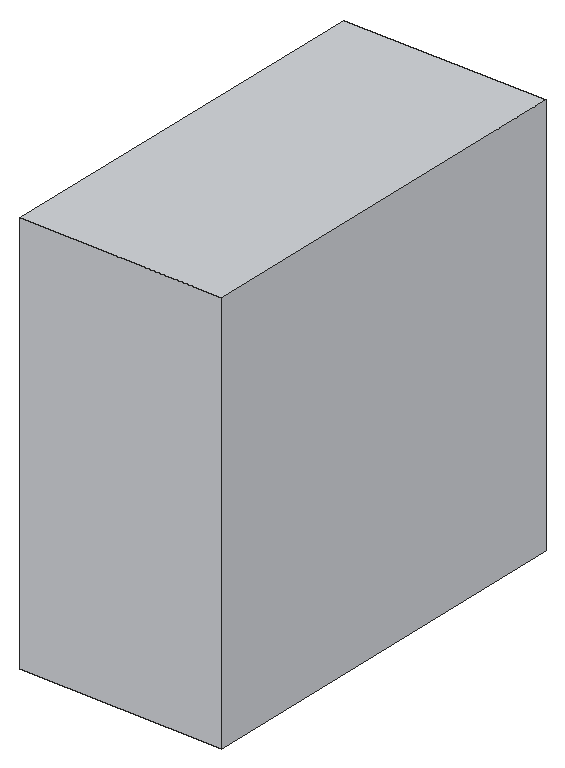
Revit family "M_Balancing Damper - Rectangular", category Duct Accessories, Revit 2014
Parameters (values of type "Standard")
  Symbol Width [instance] = Damper Width * 1.5  # 450 mm
  Pressure Drop [instance] = 249.0 Pa
  Half Symbol Width [instance] = Symbol Width / 2  # 225 mm
  Half Damper Width [instance] = Damper Width / 2  # 150 mm
  Half Damper Length = Damper Length / 2  # 75 mm
  Half Damper Height [instance] = Damper Height / 2  # 150 mm
  Damper Width [instance] = 300 mm
  Damper Material = none
  Damper Length = 150 mm
  Damper Height [instance] = 300 mm
Reference planes
  plane 1 "Center (Front/Back)": y = 0
  plane 2: z = 0
  plane 3 "Center (Left/Right)": x = 0
  plane 4: y = 150
  plane 5: y = -150
  plane 6: z = 150
  plane 7: z = -150
  plane 8: x = -75
  plane 9: x = 75
  plane 10: y = 188.1
  plane 11: y = 194.45
  plane 12: y = 225
  plane 13: y = -225
Forms (mm)
  Extrusion 1, solid, material <- "Damper Material", detail levels fine
    sketch origin (0, 0, 0) x (0, 1, 0) y (0, 0, 1)
      loop
        line (-150, 150) -> (-150, -150) -> (150, -150) -> (150, 150) -> (-150, 150)
    from -75 to 75
  Extrusion 2, solid, material <- "Damper Material", detail levels fine
    sketch origin (0, 0, 0) x (1, 0, 0) y (0, 0, 1)
      loop
        circle (0, 0) r 6.35
    from -150 to -188.1
  Sweep 3, solid, material <- "Damper Material", detail levels fine
    path origin (0, 0, 0) x (1, 0, 0) y (0, 1, 0)
      loop
        line (0, 188.1) -> (0, 194.45)
    profile origin (0, 191.275, 0) x (-1, 0, 0) y (0, 0, 1)
      loop
        arc (0, 12.7) -> (-12.7, 0) -> (0, -12.7) r 12.7
        line (0, -12.7) -> (152.4, -12.7)
        arc (152.4, -12.7) -> (165.1, 0) -> (152.4, 12.7) r 12.7
        line (152.4, 12.7) -> (0, 12.7)
  Extrusion 4, solid, material <- "Damper Material", detail levels coarse+medium
    sketch origin (0, 0, 0) x (0, 1, 0) y (0, 0, 1)
      loop
        line (150, 150) -> (-150, 150) -> (-150, -150) -> (150, -150) -> (150, 150)
    from -75 to 75
Lines and regions (mm)
  symbolic lines, detail levels coarse+medium
    curve 1: line (0, 225, 0) -> (0, -225, 0)
    curve 2: line (0, 225, 0) -> (-75, 225, 0)
    curve 3: line (-75, 150, 0) -> (-75, -150, 0)
    curve 4: line (75, 150, 0) -> (75, -150, 0)
Dimensions and locks
  "Half Damper Width": plane 4 to plane 1 "Center (Front/Back)"
  "Half Damper Width": plane 1 "Center (Front/Back)" to plane 5
  "Half Damper Height": plane 6 to plane 2
  "Half Damper Height": plane 2 to plane 7
  "Half Damper Length": plane 8 to plane 3 "Center (Left/Right)"
  "Half Damper Length": plane 3 "Center (Left/Right)" to plane 9
  locked: plane 4 to plane 10 at 38.1
  locked: plane 11 to plane 10 at 6.35
  "Half Symbol Width": plane 13 to plane 1 "Center (Front/Back)"
  "Half Symbol Width": plane 1 "Center (Front/Back)" to plane 12
  radius of Extrusion 2 sketch curve = 6.35 mm
  radius of Sweep 3 sketch curve = 12.7 mm  (x2)
  aligned and locked: Extrusion 1 to plane 4
  aligned and locked: plane 5 to Extrusion 1
  aligned and locked: plane 6 to Extrusion 1
  aligned and locked: Extrusion 1 to plane 7
  aligned and locked: Extrusion 1 to plane 8
  aligned and locked: plane 9 to Extrusion 1
  aligned and locked: plane 3 "Center (Left/Right)" to Extrusion 2 sketch curve
  aligned and locked: plane 2 to Extrusion 2 sketch curve
  aligned and locked: plane 4 to Extrusion 2
  aligned and locked: plane 10 to Extrusion 2
  aligned and locked: plane 11 to Sweep 3 sketch curve
  aligned and locked: plane 10 to Sweep 3 sketch curve
  aligned and locked: plane 3 "Center (Left/Right)" to Sweep 3 sketch curve  (x3)
  aligned and locked: plane 2 to Sweep 3 sketch curve  (x2)
  aligned and locked: plane 13 to curve 1
  aligned and locked: curve 1 to plane 3 "Center (Left/Right)"
  aligned and locked: plane 8 to curve 2
  aligned and locked: plane 12 to curve 2
  aligned and locked: plane 4 to curve 3
  aligned and locked: plane 5 to curve 3
  aligned and locked: curve 3 to plane 8
  aligned and locked: plane 4 to curve 4
  aligned and locked: plane 5 to curve 4
  aligned and locked: curve 4 to plane 9
  aligned and locked: Extrusion 4 to plane 4
  aligned and locked: plane 5 to Extrusion 4
  aligned and locked: plane 6 to Extrusion 4
  aligned and locked: Extrusion 4 to plane 7
  aligned and locked: Extrusion 4 to plane 8
  aligned and locked: plane 9 to Extrusion 4
Automatic sketch dimensions
  Extrusion 1 sketch curve to plane 5 = 300 mm
  plane 4 to Extrusion 1 sketch curve = 300 mm
  Extrusion 1 sketch curve to level = 150 mm
  level to Extrusion 1 sketch curve = 150 mm
  Sweep 3 sketch curve to plane 3 "Center (Left/Right)" = 0 mm
  Sweep 3 sketch curve to profile plane = 152.4 mm
  Extrusion 4 sketch curve to plane 5 = 0 mm
  plane 4 to Extrusion 4 sketch curve = 0 mm
  Extrusion 4 sketch curve to plane 7 = 0 mm
  plane 6 to Extrusion 4 sketch curve = 0 mm
Connectors
  hvac at (-75, 0, 0), driven by "Damper Height", driven by "Damper Width", driven by "Pressure Drop"
    settings: on Extrusion 1, index 1, duct flow 0.0 L/s, flow factor 0, pres drop 249.0 Pa, loss coef 0, conn angle 0.00°, conn width 300 mm, conn height 300 mm, conn diameter 609.6 mm, duct sys type 29, conn prof type 1, flow config 0, flow direction 0, loss method 4, conn ref index 2, conn util no, is conn primary yes, conn desc ""
  hvac at (75, 0, 0), driven by "Damper Height", driven by "Damper Width"
    settings: on Extrusion 1, index 2, duct flow 0.0 L/s, flow factor 0, pres drop 0.0 Pa, loss coef 0, conn angle 0.00°, conn width 300 mm, conn height 300 mm, conn diameter 609.6 mm, duct sys type 29, conn prof type 1, flow config 0, flow direction 0, loss method 4, conn ref index 1, conn util no, is conn primary no, conn desc ""
